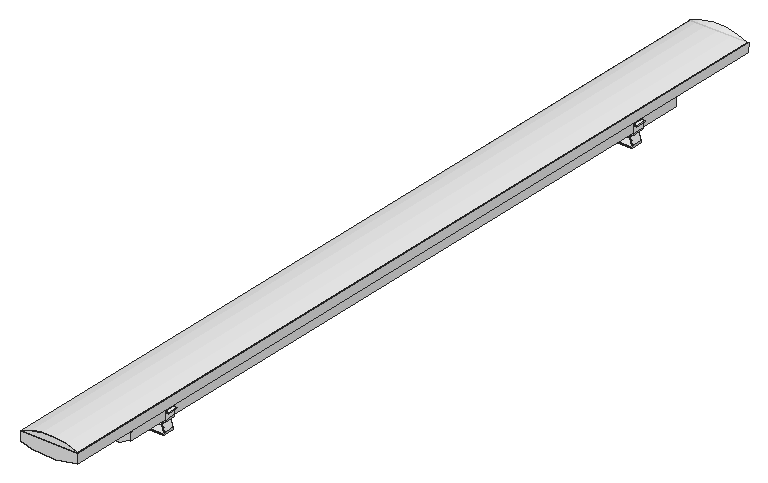
Revit family "Lighting-Industriale-GEWISS-SMART[3]PLUS-PLAFONIERA-LED_TRANSPARENTE_1600mm", category Apparecchi per illuminazione, host Superficie, Revit 2019
Family settings
  Host = Superficie
  Quota connettore circolare = Usa diametro
  Tipo di parte = Normale
  Taglio con vuoti quando caricato = No
  Sorgente d'illuminazione = Sì
  Condiviso = No
  Punto di calcolo locali = No
Parameters (values of type "GWS3323AT957 - SMART3 PLUS 1600 T.W.DALI HE TRASP 9 57")
  Wattage = 27 W
  Visibilità simbolo [instance] = yes
  Visibilità pianta [instance] = not(Visibilità simbolo)  # no
  Visibilità etichetta [instance] = yes
  Versione file RFA = "20.0"
  Variazione temperatura colore lampada con luminosità attenuata = (empty or 0)
  URL = "https://www.gewiss.com/it/it"
  Tipologia sorgente luminosa = "LED - Non sostituibile"
  Tipologia = "DALI"
  Tipo alimentatore = ""
  Tensione = "220-240 V "
  Temperatura di utilizzo = "-25 +50 °C"
  Temperatura di funzionamento = "-25 +50 °C"
  Temperatura di colore: = "5700 K (CRI > 90)"
  Temperatura di colore = "5700 K (CRI > 90)"
  Schermo = "Trasparente"
  Scheda Tecnica = "https://www.gewiss.com/it/it/search?q=GWS3323AT957"
  SEO = "Plafoniera"
  Resistenza agli urti = "IK08"
  Potenza di sistema = "50 W"
  Peso (kg): = ""
  NÂ° LED (#) = ""
  Numero poli = 2
  built-in parameter 1150107 = 5700 (stored number, unit not read)
  Struttura = GRIGIO
  Stampa 1_200 = no
  Stampa 1_100 = not(Stampa 1_200)  # yes
  Spostamento_Y_etichetta [instance] = 0 mm
  Spostamento_Y_effettivo_etichetta [instance] = 1500 mm - Spostamento_Y_etichetta  # 1500 mm
  Spostamento_X_etichetta [instance] = 0 mm
  Spostamento_X_effettivo_etichetta [instance] = 1500 mm - Spostamento_X_etichetta  # 1500 mm
  Schermo. = Led Acceso
  Default Elevation = 1219.2 mm
  Produttore = "GEWISS S.p.A."
  built-in parameter 1150110 = 1 (stored number, unit not read)
  built-in parameter 1150109 = 1 (stored number, unit not read)
  built-in parameter 1114218 = 1 (stored number, unit not read)
  built-in parameter 1150112 = 1 (stored number, unit not read)
  Modello = "GWS3323AT957"
  built-in parameter 1150137 = (empty or 0)
  built-in parameter 1150132 = (empty or 0)
  Lunghezza Lampada = 1600 mm  # constant formula
  Lunghezza = "1600 mm"
  Lumen output (lm) = "5900"
  Lampada: = "LED"
  Lampada = "LED"
  LED LifeTime (L80B20) = ""
  LED Life time (L90B50) = ""
  LED Life time (L80B50) = ""
  LED Life time (L70) = ""
  built-in parameter 1150105 = 1406.7 (stored number, unit not read)
  built-in parameter 1150102 = (empty or 0)
  Type Image = GWS3280TS.jpg
  built-in parameter 1150106 = 14.067 (stored number, unit not read)
  IFC.TypeObject = ""
  IFC.ExportType = ""
  IFC.ExportAs = ""
  IDT = "5236158c-1d15-421c-8690-1b1aa3a85baf"
  IDF = "be41a214-2304-4719-b36b-5e7545f50e73"
  Grado di protezione = "IP66/IP69"
  Glow Wire Test = "850°C"
  Garanzia = "5 anni"
  Ganci = Alluminio
  Flusso nominale (lm) = ""
  Lumens = 4010.63 lm
  Color Filter = 16777215
  File diagramma fotometrico = "GWS3323AT957.IES"
  built-in parameter 1114217 = 1 (stored number, unit not read)
  built-in parameter 1150139 = (empty or 0)
  Failure rate apparecchio (50.000h, Tq=25Â° C) = ""
  Failure rate apparecchio (35.000h, Tq=35Â° C) = ""
  Emetti da lunghezza linea = 1200 mm
  built-in parameter 1150104 = 13.8 (stored number, unit not read)
  built-in parameter 1150115 = 1 (stored number, unit not read)
  built-in parameter 1150114 = 1 (stored number, unit not read)
  built-in parameter 1150113 = 1 (stored number, unit not read)
  Descrizione = "SMART3 PLUS 1600 T.W.DALI HE TRASP 9 57"
  Creato da GEWISS S.p.A. = ""
  Commenti sul wattaggio = "67W"
  built-in parameter 1150134 = (empty or 0)
  built-in parameter 1150138 = (empty or 0)
  Codice Electrocod = "2434"
  Codice EAN = ""
  Classe isolamento = "II"
  Classe di efficienza LED integrati = "A ÷ A++"
  Catalogo Serie = "SMART[3] PLUS"
  Catalogo = "LIGHTING"
  Carico apparente = 67 VA
  COBie.Tagnumber = ""
  COBie.CreatedOn = ""
  COBie.CreatebBy = ""
  COBie.ComponentRegisterItemID = ""
  COBie.Component.TagNumber = ""
  COBie.Component.Space = ""
  COBie.Component.SerialNumber = ""
  COBie.Component.InstallationDate = ""
  COBie.Component.Description = ""
  COBie.Component.BarCode = ""
  Applicazione = "Interno"
  Apparecchio a ridotta temperatura superficiale = ""
  Tilt Angle = -90.00°
  built-in parameter 1150133 = 10 (stored number, unit not read)
Types (24, lengths in mm): name | Tipologia | Temperatura di colore: | Temperatura di colore | Scheda Tecnica | Potenza di sistema | Modello | Lumen output (lm) | Type Image | IDT | File diagramma fotometrico | Descrizione | Commenti sul wattaggio | Carico apparente
  GWS3320AT840 - SMART3 PLUS 1600 ON/OFF HE TRASP 8 40 | "" | "4000 K (CRI > 80)" | "4000 K (CRI > 80)" | "https://www.gewiss.com/it/it/search?q=GWS3320AT840" | "46 W" | "GWS3320AT840" | "7500" | GWS3158T.jpg | "1dea42e5-bf6d-4a64-bf79-1f9097b94284" | "GWS3320AT840.IES" | "SMART3 PLUS 1600 ON/OFF HE TRASP 8 40" | "26W" | 26 VA
  GWS3320AT857 - SMART3 PLUS 1600 ON/OFF HE TRASP 8 57 | "" | "5700 K (CRI > 80)" | "5700 K (CRI > 80)" | "https://www.gewiss.com/it/it/search?q=GWS3320AT857" | "46 W" | "GWS3320AT857" | "7500" | GWS3158T30K.jpg | "5872fd4e-3398-45fb-9aa7-46d2105848e6" | "GWS3320AT857.IES" | "SMART3 PLUS 1600 ON/OFF HE TRASP 8 57" | "26W" | 26 VA
  GWS3320AT930 - SMART3 PLUS 1600 ON/OFF HE TRASP 9 30 | "" | "3000 K (CRI > 90)" | "3000 K (CRI > 90)" | "https://www.gewiss.com/it/it/search?q=GWS3320AT930" | "46 W" | "GWS3320AT930" | "5500" | GWS3158T57K.jpg | "9dc883ae-5326-435c-87f7-c8fc60490d8b" | "GWS3320AT930.IES" | "SMART3 PLUS 1600 ON/OFF HE TRASP 9 30" | "26W" | 26 VA
  GWS3321AT940 - SMART3 PLUS 1600 DALI HE TRASP 9 40 | "DALI" | "4000 K (CRI > 90)" | "4000 K (CRI > 90)" | "https://www.gewiss.com/it/it/search?q=GWS3321AT940" | "50 W" | "GWS3321AT940" | "5900" | GWS3258T.jpg | "80f0b5dc-7e2b-4495-80d1-4ca98f7b2571" | "GWS3321AT940.IES" | "SMART3 PLUS 1600 DALI HE TRASP 9 40" | "53W" | 53 VA
  GWS3321AT957 - SMART3 PLUS 1600 DALI HE TRASP 9 57 | "DALI" | "5700 K (CRI > 90)" | "5700 K (CRI > 90)" | "https://www.gewiss.com/it/it/search?q=GWS3321AT957" | "50 W" | "GWS3321AT957" | "5900" | GWS3258T30K.jpg | "0ac0c6ad-823f-4a35-a602-ec293eb0d12b" | "GWS3321AT957.IES" | "SMART3 PLUS 1600 DALI HE TRASP 9 57" | "53W" | 53 VA
  GWS3322AT830 - SMART3 PLUS 1600 T.W.ON/OFF HE TRASP 8 30 | "" | "3000 K (CRI > 80)" | "3000 K (CRI > 80)" | "https://www.gewiss.com/it/it/search?q=GWS3322AT830" | "46 W" | "GWS3322AT830" | "7100" | GWS3258T57K.jpg | "891a54ec-9c4b-4fe6-8147-e8af5e17396a" | "GWS3322AT830.IES" | "SMART3 PLUS 1600 T.W.ON/OFF HE TRASP 8 30" | "53W" | 53 VA
  GWS3320AT830 - SMART3 PLUS 1600 ON/OFF HE TRASP 8 30 | "" | "3000 K (CRI > 80)" | "3000 K (CRI > 80)" | "https://www.gewiss.com/it/it/search?q=GWS3320AT830" | "46 W" | "GWS3320AT830" | "7100" | GWS3158TD30K.jpg | "74166fc5-ff36-4645-80f9-3804eeb086e3" | "GWS3320AT830.IES" | "SMART3 PLUS 1600 ON/OFF HE TRASP 8 30" | "27W" | 27 VA
  GWS3320AT940 - SMART3 PLUS 1600 ON/OFF HE TRASP 9 40 | "" | "4000 K (CRI > 90)" | "4000 K (CRI > 90)" | "https://www.gewiss.com/it/it/search?q=GWS3320AT940" | "46 W" | "GWS3320AT940" | "5900" | GWS3158TD57K.jpg | "43188896-043e-4a11-b517-c4789bf4ce39" | "GWS3320AT940.IES" | "SMART3 PLUS 1600 ON/OFF HE TRASP 9 40" | "27W" | 27 VA
  GWS3320AT957 - SMART3 PLUS 1600 ON/OFF HE TRASP 9 57 | "" | "5700 K (CRI > 90)" | "5700 K (CRI > 90)" | "https://www.gewiss.com/it/it/search?q=GWS3320AT957" | "46 W" | "GWS3320AT957" | "5900" | GWS3158TL.jpg | "a31f750a-cc8f-47bd-8818-0f88cfddb046" | "GWS3320AT957.IES" | "SMART3 PLUS 1600 ON/OFF HE TRASP 9 57" | "26W" | 26 VA
  GWS3321AT830 - SMART3 PLUS 1600 DALI HE TRASP 8 30 | "DALI" | "3000 K (CRI > 80)" | "3000 K (CRI > 80)" | "https://www.gewiss.com/it/it/search?q=GWS3321AT830" | "50 W" | "GWS3321AT830" | "7100" | GWS3158TL30K.jpg | "2f529335-735a-43e4-ba2d-9f24904ea6ee" | "GWS3321AT830.IES" | "SMART3 PLUS 1600 DALI HE TRASP 8 30" | "26W" | 26 VA
  GWS3321AT840 - SMART3 PLUS 1600 DALI HE TRASP 8 40 | "DALI" | "4000 K (CRI > 80)" | "4000 K (CRI > 80)" | "https://www.gewiss.com/it/it/search?q=GWS3321AT840" | "50 W" | "GWS3321AT840" | "7500" | GWS3158TL57K.jpg | "b9a35422-a80a-42b5-ae9c-132ab47620ad" | "GWS3321AT840.IES" | "SMART3 PLUS 1600 DALI HE TRASP 8 40" | "26W" | 26 VA
  GWS3321AT857 - SMART3 PLUS 1600 DALI HE TRASP 8 57 | "DALI" | "5700 K (CRI > 80)" | "5700 K (CRI > 80)" | "https://www.gewiss.com/it/it/search?q=GWS3321AT857" | "50 W" | "GWS3321AT857" | "7500" | GWS3158TLD30K.jpg | "cc6f8e07-75e0-4402-b072-f876eee7ca9a" | "GWS3321AT857.IES" | "SMART3 PLUS 1600 DALI HE TRASP 8 57" | "27W" | 27 VA
  GWS3321AT930 - SMART3 PLUS 1600 DALI HE TRASP 9 30 | "DALI" | "3000 K (CRI > 90)" | "3000 K (CRI > 90)" | "https://www.gewiss.com/it/it/search?q=GWS3321AT930" | "50 W" | "GWS3321AT930" | "5500" | GWS3158TLD57K.jpg | "d8d0e315-d929-4c71-b08d-b2a4a4d4c89e" | "GWS3321AT930.IES" | "SMART3 PLUS 1600 DALI HE TRASP 9 30" | "27W" | 27 VA
  GWS3322AT840 - SMART3 PLUS 1600 T.W.ON/OFF HE TRASP 8 40 | "" | "4000 K (CRI > 80)" | "4000 K (CRI > 80)" | "https://www.gewiss.com/it/it/search?q=GWS3322AT840" | "46 W" | "GWS3322AT840" | "7500" | GWS3258TD.jpg | "02742af7-b760-483a-b676-c6e51fc7d43a" | "GWS3322AT840.IES" | "SMART3 PLUS 1600 T.W.ON/OFF HE TRASP 8 40" | "55W" | 55 VA
  GWS3322AT857 - SMART3 PLUS 1600 T.W.ON/OFF HE TRASP 8 57 | "" | "5700 K (CRI > 80)" | "5700 K (CRI > 80)" | "https://www.gewiss.com/it/it/search?q=GWS3322AT857" | "46 W" | "GWS3322AT857" | "7500" | GWS3258T30K.jpg | "fa99473e-a6ee-45a2-b0a3-fe258dba9dd5" | "GWS3322AT857.IES" | "SMART3 PLUS 1600 T.W.ON/OFF HE TRASP 8 57" | "55W" | 55 VA
  GWS3322AT930 - SMART3 PLUS 1600 T.W.ON/OFF HE TRASP 9 30 | "" | "3000 K (CRI > 90)" | "3000 K (CRI > 90)" | "https://www.gewiss.com/it/it/search?q=GWS3322AT930" | "46 W" | "GWS3322AT930" | "5500" | GWS3258TD57K.jpg | "79e8d14e-e43d-4766-a326-3c917a5a9046" | "GWS3322AT930.IES" | "SMART3 PLUS 1600 T.W.ON/OFF HE TRASP 9 30" | "55W" | 55 VA
  GWS3322AT940 - SMART3 PLUS 1600 T.W.ON/OFF HE TRASP 9 40 | "" | "4000 K (CRI > 90)" | "4000 K (CRI > 90)" | "https://www.gewiss.com/it/it/search?q=GWS3322AT940" | "46 W" | "GWS3322AT940" | "5900" | GWS3258TL.jpg | "52982c0e-482a-4ddc-8be6-912f4021b25d" | "GWS3322AT940.IES" | "SMART3 PLUS 1600 T.W.ON/OFF HE TRASP 9 40" | "53W" | 53 VA
  GWS3322AT957 - SMART3 PLUS 1600 T.W.ON/OFF HE TRASP 9 57 | "" | "5700 K (CRI > 90)" | "5700 K (CRI > 90)" | "https://www.gewiss.com/it/it/search?q=GWS3322AT957" | "46 W" | "GWS3322AT957" | "5900" | GWS3258TL30K.jpg | "4df2074f-b2b5-4fed-a9c8-d505ec21a00b" | "GWS3322AT957.IES" | "SMART3 PLUS 1600 T.W.ON/OFF HE TRASP 9 57" | "53W" | 53 VA
  GWS3323AT830 - SMART3 PLUS 1600 T.W.DALI HE TRASP 8 30 | "DALI" | "3000 K (CRI > 80)" | "3000 K (CRI > 80)" | "https://www.gewiss.com/it/it/search?q=GWS3323AT830" | "50 W" | "GWS3323AT830" | "7100" | GWS3258TL57K.jpg | "2ceab000-1286-4161-a838-b757df2c3090" | "GWS3323AT830.IES" | "SMART3 PLUS 1600 T.W.DALI HE TRASP 8 30" | "53W" | 53 VA
  GWS3323AT840 - SMART3 PLUS 1600 T.W.DALI HE TRASP 8 40 | "DALI" | "4000 K (CRI > 80)" | "4000 K (CRI > 80)" | "https://www.gewiss.com/it/it/search?q=GWS3323AT840" | "50 W" | "GWS3323AT840" | "7500" | GWS3258TLD.jpg | "d7f3308e-ac07-41f8-a7be-48a82cd76fb2" | "GWS3323AT840.IES" | "SMART3 PLUS 1600 T.W.DALI HE TRASP 8 40" | "55W" | 55 VA
  GWS3323AT857 - SMART3 PLUS 1600 T.W.DALI HE TRASP 8 57 | "DALI" | "5700 K (CRI > 80)" | "5700 K (CRI > 80)" | "https://www.gewiss.com/it/it/search?q=GWS3323AT857" | "50 W" | "GWS3323AT857" | "7500" | GWS3258TLD30K.jpg | "67d773ab-6abf-4ec8-97a4-4386dc65aced" | "GWS3323AT857.IES" | "SMART3 PLUS 1600 T.W.DALI HE TRASP 8 57" | "55W" | 55 VA
  GWS3323AT930 - SMART3 PLUS 1600 T.W.DALI HE TRASP 9 30 | "DALI" | "3000 K (CRI > 90)" | "3000 K (CRI > 90)" | "https://www.gewiss.com/it/it/search?q=GWS3323AT930" | "50 W" | "GWS3323AT930" | "5500" | GWS3258TLD57K.jpg | "cb1cb59a-c68e-4618-82ef-e38e6ccec05f" | "GWS3323AT930.IES" | "SMART3 PLUS 1600 T.W.DALI HE TRASP 9 30" | "55W" | 55 VA
  GWS3323AT957 - SMART3 PLUS 1600 T.W.DALI HE TRASP 9 57 | "DALI" | "5700 K (CRI > 90)" | "5700 K (CRI > 90)" | "https://www.gewiss.com/it/it/search?q=GWS3323AT957" | "50 W" | "GWS3323AT957" | "5900" | GWS3280TS.jpg | "5236158c-1d15-421c-8690-1b1aa3a85baf" | "GWS3323AT957.IES" | "SMART3 PLUS 1600 T.W.DALI HE TRASP 9 57" | "67W" | 67 VA
  GWS3323AT940 - SMART3 PLUS 1600 T.W.DALI HE TRASP 9 40 | "DALI" | "4000 K (CRI > 90)" | "4000 K (CRI > 90)" | "https://www.gewiss.com/it/it/search?q=GWS3323AT940" | "50 W" | "GWS3323AT940" | "5900" | GWS3280TLS.jpg | "efdd6b9e-b24a-46ba-ae07-3ce0557fda21" | "GWS3323AT940.IES" | "SMART3 PLUS 1600 T.W.DALI HE TRASP 9 40" | "67W" | 67 VA
Reference planes
  plane 1 "Centro (Fronte/Retro)": y = 0
  plane 2: z = 0
  plane 3 "Centro (Sinistra/Destra)": x = 0
  plane 4: x = -1500
  plane 5: y = -1500
  plane 6: x = 0
  plane 7: y = 0
Forms (mm)
  Extrusion 1, solid, material "Alluminio" <- "Ganci", detail levels medium+fine
    sketch origin (0, 0, 0) x (1, 0, 0) y (0, 0, 1)
      loop
        arc (31.431, -0.002) -> (34.576, 1.589) -> (35.156, 5.066) r 3.903
        line (35.156, 5.066) -> (29.612, 23.211)
        arc (29.612, 23.211) -> (29.883, 24.381) -> (31.032, 24.73) r 1.2
        line (31.032, 24.73) -> (34.307, 23.974)
        arc (34.307, 23.974) -> (36.765, 24.53) -> (37.859, 26.8) r 2.9
        line (37.859, 26.8) -> (37.859, 38.8)
        arc (37.859, 38.8) -> (37.648, 39.694) -> (37.059, 40.4) r 2
        line (37.059, 40.4) -> (37.059, 42.71) -> (42.861, 40.598) -> (43.203, 41.538) -> (37.53, 43.603)
        arc (37.53, 43.603) -> (37.019, 43.613) -> (36.605, 43.311) r 0.8
        line (36.605, 43.311) -> (36.306, 26.139)
        arc (36.306, 26.139) -> (35.6, 25.444) -> (34.616, 25.34) r 1.5
        line (34.616, 25.34) -> (31.344, 26.095)
        arc (31.344, 26.095) -> (28.858, 25.335) -> (28.273, 22.802) r 2.6
        line (28.273, 22.802) -> (33.827, 4.636)
        arc (33.827, 4.636) -> (33.449, 2.415) -> (31.438, 1.4) r 2.5
        line (31.438, 1.4) -> (-31.437, 1.4)
        arc (-31.437, 1.4) -> (-33.449, 2.415) -> (-33.827, 4.636) r 2.5
        line (-33.827, 4.636) -> (-28.273, 22.802)
        arc (-28.273, 22.802) -> (-28.858, 25.335) -> (-31.344, 26.095) r 2.6
        line (-31.344, 26.095) -> (-34.616, 25.34)
        arc (-34.616, 25.34) -> (-35.6, 25.444) -> (-36.306, 26.139) r 1.5
        line (-36.306, 26.139) -> (-36.605, 43.311)
        arc (-36.605, 43.311) -> (-37.019, 43.613) -> (-37.53, 43.603) r 0.8
        line (-37.53, 43.603) -> (-43.203, 41.538) -> (-42.861, 40.598) -> (-37.059, 42.71) -> (-37.059, 40.4)
        arc (-37.059, 40.4) -> (-37.648, 39.694) -> (-37.859, 38.8) r 2
        line (-37.859, 38.8) -> (-37.859, 26.8)
        arc (-37.859, 26.8) -> (-36.765, 24.53) -> (-34.307, 23.974) r 2.9
        line (-34.307, 23.974) -> (-31.032, 24.73)
        arc (-31.032, 24.73) -> (-29.883, 24.381) -> (-29.612, 23.211) r 1.2
        line (-29.612, 23.211) -> (-35.156, 5.066)
        arc (-35.156, 5.066) -> (-34.576, 1.589) -> (-31.431, -0.002) r 3.903
        line (-31.431, -0.002) -> (31.431, -0.002)
    from 548.766 to 568.766
  Extrusion 2, solid, material "Alluminio" <- "Ganci", detail levels medium+fine
    sketch origin (0, 0, 0) x (1, 0, 0) y (0, 0, -1)
      loop
        line (31.431, 0.002) -> (-31.431, 0.002)
        arc (-31.431, 0.002) -> (-34.576, -1.589) -> (-35.156, -5.066) r 3.903
        line (-35.156, -5.066) -> (-29.612, -23.211)
        arc (-29.612, -23.211) -> (-29.883, -24.381) -> (-31.032, -24.73) r 1.2
        line (-31.032, -24.73) -> (-34.307, -23.974)
        arc (-34.307, -23.974) -> (-36.765, -24.53) -> (-37.859, -26.8) r 2.9
        line (-37.859, -26.8) -> (-37.859, -38.8)
        arc (-37.859, -38.8) -> (-37.648, -39.694) -> (-37.059, -40.4) r 2
        line (-37.059, -40.4) -> (-37.059, -42.71) -> (-42.861, -40.598) -> (-43.203, -41.538) -> (-37.53, -43.603)
        arc (-37.53, -43.603) -> (-37.019, -43.613) -> (-36.605, -43.311) r 0.8
        line (-36.605, -43.311) -> (-36.306, -26.139)
        arc (-36.306, -26.139) -> (-35.6, -25.444) -> (-34.616, -25.34) r 1.5
        line (-34.616, -25.34) -> (-31.344, -26.095)
        arc (-31.344, -26.095) -> (-28.858, -25.335) -> (-28.273, -22.802) r 2.6
        line (-28.273, -22.802) -> (-33.827, -4.636)
        arc (-33.827, -4.636) -> (-33.449, -2.415) -> (-31.437, -1.4) r 2.5
        line (-31.437, -1.4) -> (31.438, -1.4)
        arc (31.438, -1.4) -> (33.449, -2.415) -> (33.827, -4.636) r 2.5
        line (33.827, -4.636) -> (28.273, -22.802)
        arc (28.273, -22.802) -> (28.858, -25.335) -> (31.344, -26.095) r 2.6
        line (31.344, -26.095) -> (34.616, -25.34)
        arc (34.616, -25.34) -> (35.6, -25.444) -> (36.306, -26.139) r 1.5
        line (36.306, -26.139) -> (36.605, -43.311)
        arc (36.605, -43.311) -> (37.019, -43.613) -> (37.53, -43.603) r 0.8
        line (37.53, -43.603) -> (43.203, -41.538) -> (42.861, -40.598) -> (37.059, -42.71) -> (37.059, -40.4)
        arc (37.059, -40.4) -> (37.648, -39.694) -> (37.859, -38.8) r 2
        line (37.859, -38.8) -> (37.859, -26.8)
        arc (37.859, -26.8) -> (36.765, -24.53) -> (34.307, -23.974) r 2.9
        line (34.307, -23.974) -> (31.032, -24.73)
        arc (31.032, -24.73) -> (29.883, -24.381) -> (29.612, -23.211) r 1.2
        line (29.612, -23.211) -> (35.156, -5.066)
        arc (35.156, -5.066) -> (34.576, -1.589) -> (31.431, 0.002) r 3.903
    from 548.766 to 568.766
  Extrusion 3, solid, material "GRIGIO" <- "Struttura", detail levels medium+fine
    sketch origin (0, 0, 0) x (1, 0, 0) y (0, 0, 1)
      loop
        line (-36.331, 55.757) -> (-35.847, 28.018)
        arc (-35.847, 28.018) -> (-33.139, 27.27) -> (-30.416, 26.58) r 129.5
        arc (-30.416, 26.58) -> (-28.066, 25.76) -> (-25.915, 24.506) r 13
        arc (-25.915, 24.506) -> (-24.23, 23.324) -> (-22.521, 22.178) r 99.5
        arc (-22.521, 22.178) -> (-16.401, 19.063) -> (-9.748, 17.365) r 31.146
        line (-9.748, 17.365) -> (12.491, 17.365)
        arc (12.491, 17.365) -> (17.822, 19.098) -> (22.764, 21.745) r 31.646
        arc (22.764, 21.745) -> (24.509, 22.915) -> (26.228, 24.122) r 100
        arc (26.228, 24.122) -> (28.283, 25.313) -> (30.525, 26.095) r 12.5
        arc (30.525, 26.095) -> (33.437, 26.834) -> (36.332, 27.64) r 130
        line (36.332, 27.64) -> (36.824, 55.851)
        arc (36.824, 55.851) -> (24.914, 53.937) -> (12.909, 52.764) r 195.047
        line (12.909, 52.764) -> (-12.909, 52.764)
        arc (-12.909, 52.764) -> (-24.665, 53.905) -> (-36.331, 55.757) r 195.047
    from -650 to 650
  Extrusion 4, solid, material "GRIGIO" <- "Struttura", detail levels medium+fine
    sketch origin (0, 0, 0) x (1, 0, 0) y (0, 0, 1)
      loop
        line (54.725, 60.184) -> (55.177, 77.445) -> (-55.177, 77.445) -> (-54.725, 60.184)
        arc (-54.725, 60.184) -> (-34.019, 55.332) -> (-12.909, 52.764) r 195.047
        line (-12.909, 52.764) -> (12.909, 52.764)
        arc (12.909, 52.764) -> (34.019, 55.332) -> (54.725, 60.184) r 195.047
    from -800 to 800
  Extrusion 5, solid, material "Led Acceso" <- "Schermo.", detail levels medium+fine
    sketch origin (0, 0, 0) x (1, 0, 0) y (0, 0, 1)
      loop
        arc (54.697, 78.441) -> (-0.014, 90.457) -> (-54.723, 78.429) r 130.5
        arc (-54.723, 78.429) -> (-54.988, 77.838) -> (-54.5, 77.445) r 0.5
        line (-54.5, 77.445) -> (54.479, 77.445)
        arc (54.479, 77.445) -> (54.988, 77.855) -> (54.697, 78.441) r 0.522
    from -800 to 800
  Extrusion 6, solid, material "GRIGIO" <- "Struttura", detail levels coarse
    sketch origin (0, 0, 0) x (1, 0, 0) y (0, 0, 1)
      loop
        line (-54.5, 90.439) -> (-54.5, 0) -> (54.5, 0) -> (54.5, 90.439) -> (-54.5, 90.439)
    from -800 to 800
Lines and regions (mm)
  Masking region 1, visible <- "Visibilità pianta"
    outline origin (0, 0, 0) x (1, 0, 0) y (0, 1, 0)
      loop
        line (-55.177, 800) -> (-55.177, -800) -> (55.177, -800) -> (55.177, 800) -> (-55.177, 800)
  model lines, style "GEWISS - LIGHT 2D", not visible, detail levels medium+fine
    curve 1: arc (599.156, 237.359, 0) -> (604.568, 231.947, 0) -> (609.98, 237.359, 0) r 5.412
    curve 6: arc (581.804, 237.359, 0) -> (582.83, 230.601, 0) -> (585.816, 224.453, 0) r 22.764
    curve 7: arc (623.32, 224.453, 0) -> (626.306, 230.601, 0) -> (627.332, 237.359, 0) r 22.764
    curve 8: arc (609.98, -154.35, 0) -> (604.568, -148.937, 0) -> (599.156, -154.35, 0) r 5.412
    curve 14: arc (585.816, -141.444, 0) -> (582.83, -147.592, 0) -> (581.804, -154.35, 0) r 22.764
    curve 15: arc (627.332, -154.35, 0) -> (626.306, -147.592, 0) -> (623.32, -141.444, 0) r 22.764
    curve 22: line (581.804, 248.502, 0) -> (581.804, 237.359, 0)
    curve 23: line (581.804, 237.359, 0) -> (599.156, 237.359, 0)
    curve 24: line (599.156, 237.359, 0) -> (599.156, 248.502, 0)
    curve 25: line (599.156, 256.809, 0) -> (599.156, 262.193, 0)
    curve 26: line (609.98, 248.502, 0) -> (609.98, 237.359, 0)
    curve 27: line (609.98, 237.359, 0) -> (627.332, 237.359, 0)
    curve 28: line (627.332, 237.359, 0) -> (627.332, 248.502, 0)
    curve 39: line (581.804, -154.35, 0) -> (581.804, -165.498, 0)
    curve 40: line (581.804, -165.498, 0) -> (581.804, -154.35, 0)
    curve 41: line (581.804, -154.35, 0) -> (599.156, -154.35, 0)
    curve 42: line (599.156, -154.35, 0) -> (599.156, -165.498, 0)
    curve 43: line (609.98, -165.498, 0) -> (609.98, -154.35, 0)
    curve 44: line (609.98, -154.35, 0) -> (627.332, -154.35, 0)
    curve 45: line (627.332, -154.35, 0) -> (627.332, -165.498, 0)
    curve 46: line (627.332, -165.498, 0) -> (627.332, -154.35, 0)
    curve 47: line (609.98, -179.249, 0) -> (609.98, -173.749, 0)
    curve 50: line (599.156, -179.191, 0) -> (599.156, -173.807, 0)
    curve 94: circle (617.836, 259.501, 0) r 1.5 normal (0, 0, 1)
    curve 95: circle (591.836, 259.501, 0) r 1.5 normal (0, 0, 1)
    curve 96: arc (610.218, 256.751, 0) -> (612.968, 259.501, 0) -> (610.218, 262.251, 0) r 2.75
    curve 97: arc (599.718, 262.251, 0) -> (596.968, 259.501, 0) -> (599.718, 256.751, 0) r 2.75
    curve 102: circle (617.836, -176.499, 0) r 1.5 normal (0, 0, 1)
    curve 103: circle (591.836, -176.499, 0) r 1.5 normal (0, 0, 1)
    curve 104: arc (610.218, -179.249, 0) -> (612.968, -176.499, 0) -> (610.218, -173.749, 0) r 2.75
    curve 105: arc (599.718, -173.749, 0) -> (596.968, -176.499, 0) -> (599.718, -179.249, 0) r 2.75
    curve 184: line (599.718, 262.251, 0) -> (610.218, 262.251, 0)
    curve 185: line (599.718, 256.751, 0) -> (610.218, 256.751, 0)
    curve 194: line (599.718, -173.749, 0) -> (610.218, -173.749, 0)
    curve 195: line (599.718, -179.249, 0) -> (610.218, -179.249, 0)
    curve 214: line (604.568, 230.323, 0) -> (604.568, 244.394, 0)
    curve 215: line (611.603, 237.359, 0) -> (597.532, 237.359, 0)
    curve 216: line (604.568, -161.385, 0) -> (604.568, -147.314, 0)
    curve 217: line (611.603, -154.35, 0) -> (597.532, -154.35, 0)
    curve 223: line (617.836, 257.551, 0) -> (617.836, 261.451, 0)
    curve 224: line (619.786, 259.501, 0) -> (615.886, 259.501, 0)
    curve 225: line (591.836, 257.551, 0) -> (591.836, 261.451, 0)
    curve 226: line (593.786, 259.501, 0) -> (589.886, 259.501, 0)
    curve 227: line (603.293, 259.501, 0) -> (596.143, 259.501, 0)
    curve 228: line (610.218, 255.926, 0) -> (610.218, 263.076, 0)
    curve 229: line (613.793, 259.501, 0) -> (606.643, 259.501, 0)
    curve 230: line (617.836, -178.449, 0) -> (617.836, -174.549, 0)
    curve 231: line (619.786, -176.499, 0) -> (615.886, -176.499, 0)
    curve 232: line (591.836, -178.449, 0) -> (591.836, -174.549, 0)
    curve 233: line (593.786, -176.499, 0) -> (589.886, -176.499, 0)
    curve 234: line (599.718, -180.074, 0) -> (599.718, -172.924, 0)
    curve 235: line (603.293, -176.499, 0) -> (596.143, -176.499, 0)
    curve 236: line (610.218, -180.074, 0) -> (610.218, -172.924, 0)
    curve 237: line (613.793, -176.499, 0) -> (606.643, -176.499, 0)
    curve 238: arc (585.816, 224.453, 0) -> (604.568, 218.168, 0) -> (623.32, 224.453, 0) r 31.118
    curve 239: arc (623.32, -141.444, 0) -> (604.568, -135.159, 0) -> (585.816, -141.444, 0) r 31.118
  model lines, style "GEWISS - LIGHT 2D", not visible
    curve 2: arc (642.177, 315.223, 0) -> (641.755, 316.267, 0) -> (640.725, 316.723, 0) r 1.499
    curve 3: arc (640.726, -233.714, 0) -> (641.755, -233.258, 0) -> (642.177, -232.214, 0) r 1.499
    curve 4: arc (568.41, 316.723, 0) -> (567.381, 316.267, 0) -> (566.959, 315.223, 0) r 1.499
    curve 5: arc (566.959, -232.214, 0) -> (567.38, -233.258, 0) -> (568.409, -233.714, 0) r 1.499
    curve 16: line (568.41, 316.723, 0) -> (592.409, 317.119, 0)
    curve 17: line (592.409, 317.119, 0) -> (595.819, 317.196, 0)
    curve 18: line (595.819, 317.196, 0) -> (604.587, 317.348, 0)
    curve 19: line (604.587, 317.348, 0) -> (613.319, 317.196, 0)
    curve 20: line (613.319, 317.196, 0) -> (616.729, 317.119, 0)
    curve 21: line (616.729, 317.119, 0) -> (640.725, 316.723, 0)
    curve 29: line (568.409, -233.714, 0) -> (604.582, -234.348, 0)
    curve 30: line (604.582, -234.348, 0) -> (640.726, -233.714, 0)
    curve 31: line (642.177, -187.498, 0) -> (642.177, -232.214, 0)
    curve 32: line (642.177, 248.502, 0) -> (642.177, -165.498, 0)
    curve 33: line (642.177, 315.223, 0) -> (642.177, 270.502, 0)
    curve 34: line (566.959, 315.223, 0) -> (566.959, 270.502, 0)
    curve 35: line (566.959, 248.502, 0) -> (566.959, -165.498, 0)
    curve 36: line (566.959, -187.498, 0) -> (566.959, -232.214, 0)
    curve 37: line (604.549, -234.347, 0) -> (604.569, -233.348, 0)
    curve 38: line (604.569, -233.348, 0) -> (604.549, -234.347, 0)
    curve 48: line (609.989, -233.253, 0) -> (609.98, -232.753, 0)
    curve 49: line (609.98, -232.753, 0) -> (609.98, -187.498, 0)
    curve 51: line (599.147, -233.253, 0) -> (599.156, -232.753, 0)
    curve 52: line (599.156, -232.753, 0) -> (599.156, -187.498, 0)
    curve 53: line (604.568, -232.848, 0) -> (604.569, -233.348, 0)
    curve 54: line (604.569, -233.348, 0) -> (604.568, -232.848, 0)
    curve 69: arc (658.224, 441.447, 0) -> (657.902, 441.529, 0) -> (657.571, 441.558, 0) r 1.999
    curve 71: arc (659.744, 439.503, 0) -> (659.172, 440.906, 0) -> (657.781, 441.505, 0) r 1.998
    curve 72: arc (549.391, -356.494, 0) -> (549.963, -357.897, 0) -> (551.356, -358.495, 0) r 1.998
    curve 98: spline (648.539, 268.506, 0) -> (648.523, 268.767, 0) -> (648.475, 269.023, 0) -> (648.396, 269.27, 0) -> (648.287, 269.504, 0) -> (648.151, 269.721, 0) -> (647.989, 269.918, 0) -> (647.804, 270.09, 0) -> (647.599, 270.235, 0) -> (647.379, 270.35, 0) -> (647.146, 270.434, 0) -> (646.905, 270.485, 0) -> (646.66, 270.502, 0)
    curve 99: spline (646.66, 248.502, 0) -> (646.905, 248.519, 0) -> (647.146, 248.57, 0) -> (647.379, 248.654, 0) -> (647.599, 248.77, 0) -> (647.804, 248.916, 0) -> (647.989, 249.089, 0) -> (648.151, 249.286, 0) -> (648.287, 249.504, 0) -> (648.396, 249.739, 0) -> (648.475, 249.987, 0) -> (648.523, 250.245, 0) -> (648.539, 250.506, 0)
    curve 100: spline (561.397, 250.501, 0) -> (561.413, 250.24, 0) -> (561.461, 249.984, 0) -> (561.54, 249.736, 0) -> (561.648, 249.502, 0) -> (561.785, 249.284, 0) -> (561.947, 249.087, 0) -> (562.132, 248.915, 0) -> (562.336, 248.77, 0) -> (562.557, 248.654, 0) -> (562.79, 248.57, 0) -> (563.031, 248.519, 0) -> (563.276, 248.502, 0)
    curve 101: spline (563.276, 270.502, 0) -> (563.031, 270.485, 0) -> (562.79, 270.434, 0) -> (562.557, 270.35, 0) -> (562.336, 270.234, 0) -> (562.132, 270.089, 0) -> (561.947, 269.916, 0) -> (561.785, 269.72, 0) -> (561.648, 269.502, 0) -> (561.54, 269.267, 0) -> (561.461, 269.019, 0) -> (561.413, 268.763, 0) -> (561.397, 268.502, 0)
    curve 106: spline (648.539, -167.494, 0) -> (648.523, -167.233, 0) -> (648.475, -166.977, 0) -> (648.396, -166.73, 0) -> (648.287, -166.496, 0) -> (648.151, -166.279, 0) -> (647.989, -166.083, 0) -> (647.804, -165.911, 0) -> (647.599, -165.766, 0) -> (647.379, -165.65, 0) -> (647.146, -165.566, 0) -> (646.905, -165.515, 0) -> (646.66, -165.498, 0)
    curve 107: spline (646.66, -187.498, 0) -> (646.905, -187.481, 0) -> (647.146, -187.43, 0) -> (647.379, -187.346, 0) -> (647.599, -187.23, 0) -> (647.804, -187.084, 0) -> (647.989, -186.911, 0) -> (648.151, -186.714, 0) -> (648.287, -186.496, 0) -> (648.396, -186.261, 0) -> (648.475, -186.012, 0) -> (648.523, -185.755, 0) -> (648.539, -185.494, 0)
    curve 108: spline (561.397, -185.499, 0) -> (561.413, -185.76, 0) -> (561.461, -186.016, 0) -> (561.54, -186.264, 0) -> (561.648, -186.498, 0) -> (561.785, -186.716, 0) -> (561.947, -186.912, 0) -> (562.132, -187.085, 0) -> (562.336, -187.23, 0) -> (562.557, -187.346, 0) -> (562.79, -187.43, 0) -> (563.031, -187.481, 0) -> (563.276, -187.498, 0)
    curve 109: spline (563.276, -165.498, 0) -> (563.031, -165.516, 0) -> (562.79, -165.567, 0) -> (562.557, -165.651, 0) -> (562.336, -165.766, 0) -> (562.132, -165.912, 0) -> (561.947, -166.084, 0) -> (561.785, -166.281, 0) -> (561.648, -166.499, 0) -> (561.54, -166.733, 0) -> (561.461, -166.981, 0) -> (561.413, -167.238, 0) -> (561.397, -167.499, 0)
    curve 110: arc (657.245, -358.546, 0) -> (659.012, -357.814, 0) -> (659.745, -356.046, 0) r 2.5
    curve 111: arc (551.891, 441.558, 0) -> (550.123, 440.825, 0) -> (549.391, 439.058, 0) r 2.5
    curve 142: line (657.571, 441.558, 0) -> (604.567, 441.558, 0)
    curve 143: line (604.567, 441.558, 0) -> (551.891, 441.558, 0)
    curve 144: line (551.356, -358.495, 0) -> (604.568, -358.495, 0)
    curve 145: line (604.568, -358.495, 0) -> (657.245, -358.495, 0)
    curve 157: line (599.147, -233.253, 0) -> (604.569, -233.348, 0)
    curve 158: line (604.569, -233.348, 0) -> (609.989, -233.253, 0)
    curve 159: line (659.745, -356.046, 0) -> (659.745, 439.503, 0)
    curve 160: line (657.781, 441.505, 0) -> (604.567, 441.505, 0)
    curve 161: line (549.391, -356.494, 0) -> (549.391, 439.058, 0)
    curve 186: line (642.696, 270.501, 0) -> (642.427, 270.501, 0)
    curve 187: line (563.481, 270.502, 0) -> (563.276, 270.502, 0)
    curve 188: line (563.276, 270.502, 0) -> (646.454, 270.502, 0)
    curve 189: line (646.454, 270.502, 0) -> (646.66, 270.502, 0)
    curve 190: line (563.481, 248.502, 0) -> (563.276, 248.502, 0)
    curve 191: line (646.454, 248.502, 0) -> (646.66, 248.502, 0)
    curve 192: line (648.539, 250.506, 0) -> (648.539, 268.506, 0)
    curve 193: line (561.397, 250.501, 0) -> (561.397, 268.501, 0)
    curve 196: line (646.66, -165.498, 0) -> (646.454, -165.498, 0)
    curve 197: line (646.454, -165.498, 0) -> (642.696, -165.498, 0)
    curve 198: line (642.696, -165.498, 0) -> (642.427, -165.498, 0)
    curve 199: line (642.427, -165.498, 0) -> (639.905, -165.498, 0)
    curve 200: line (639.905, -165.498, 0) -> (636.805, -165.498, 0)
    curve 201: line (636.805, -165.498, 0) -> (573.13, -165.498, 0)
    curve 202: line (573.13, -165.498, 0) -> (570.031, -165.498, 0)
    curve 203: line (570.031, -165.498, 0) -> (567.508, -165.498, 0)
    curve 204: line (567.508, -165.498, 0) -> (567.24, -165.498, 0)
    curve 205: line (567.24, -165.498, 0) -> (563.481, -165.498, 0)
    curve 206: line (563.481, -165.498, 0) -> (563.276, -165.498, 0)
    curve 207: line (563.276, -187.498, 0) -> (563.481, -187.498, 0)
    curve 208: line (563.481, -187.498, 0) -> (646.454, -187.498, 0)
    curve 209: line (646.454, -187.498, 0) -> (646.66, -187.498, 0)
    curve 210: line (642.696, -187.499, 0) -> (642.427, -187.499, 0)
    curve 211: line (648.539, -185.494, 0) -> (648.539, -167.494, 0)
    curve 212: line (561.397, -185.499, 0) -> (561.397, -167.499, 0)
    curve 219: line (604.569, 276.529, 0) -> (604.569, -193.52, 0)
    curve 240: line (646.454, 248.502, 0) -> (563.276, 248.502, 0)
  model lines, style "GEWISS - LIGHT 2D", not visible, detail levels fine
    curve 9: arc (621.884, 350.407, 0) -> (621.798, 350.225, 0) -> (621.768, 350.027, 0) r 0.678
    curve 10: arc (622.621, 351.453, 0) -> (622.246, 350.935, 0) -> (621.884, 350.407, 0) r 25.107
    curve 11: arc (623.611, 352.703, 0) -> (623.106, 352.086, 0) -> (622.621, 351.453, 0) r 25.491
    curve 12: arc (626.634, 356.042, 0) -> (625.055, 354.434, 0) -> (623.611, 352.703, 0) r 27.8
    curve 13: arc (628.933, 357.976, 0) -> (627.762, 357.034, 0) -> (626.634, 356.042, 0) r 34.286
    curve 55: line (595.819, 317.196, 0) -> (595.819, 331.194, 0)
    curve 56: line (595.819, 331.194, 0) -> (595.823, 331.698, 0)
    curve 57: line (613.319, 317.196, 0) -> (613.319, 331.194, 0)
    curve 58: line (613.319, 331.194, 0) -> (613.315, 331.698, 0)
    curve 59: line (601.188, 333.427, 0) -> (595.819, 333.381, 0)
    curve 60: line (595.819, 333.381, 0) -> (592.551, 333.351, 0)
    curve 61: line (621.768, 349.976, 0) -> (621.768, 349.703, 0)
    curve 62: line (618.568, 339.703, 0) -> (618.568, 340.003, 0)
    curve 63: line (618.568, 340.003, 0) -> (618.568, 349.403, 0)
    curve 64: line (618.568, 349.403, 0) -> (618.568, 349.703, 0)
    curve 65: line (626.634, 356.042, 0) -> (625.666, 357.327, 0)
    curve 66: line (625.666, 357.327, 0) -> (625.303, 357.809, 0)
    curve 67: arc (615.276, 335.364, 0) -> (616.055, 336.638, 0) -> (614.919, 337.608, 0) r 1.15
    curve 68: arc (594.228, 337.608, 0) -> (593.084, 336.643, 0) -> (593.862, 335.364, 0) r 1.15
    curve 70: arc (618.493, 319.316, 0) -> (619.321, 319.921, 0) -> (619.181, 320.937, 0) r 1
    curve 73: arc (592.532, 331.227, 0) -> (592.389, 331.582, 0) -> (592.037, 331.731, 0) r 0.5
    curve 74: arc (617.101, 331.731, 0) -> (616.749, 331.582, 0) -> (616.606, 331.227, 0) r 0.5
    curve 75: arc (617.805, 349.703, 0) -> (617.188, 349.635, 0) -> (616.597, 349.441, 0) r 3
    curve 76: arc (606.569, 342.058, 0) -> (605.632, 343.753, 0) -> (603.698, 343.859, 0) r 2
    curve 77: arc (599.084, 344.854, 0) -> (601.221, 343.569, 0) -> (603.698, 343.859, 0) r 3.86
    curve 78: arc (598.376, 346.791, 0) -> (598.558, 345.76, 0) -> (599.084, 344.854, 0) r 3
    curve 79: arc (605.757, 349.962, 0) -> (611.115, 348.406, 0) -> (616.597, 349.441, 0) r 12
    curve 80: arc (622.068, 349.403, 0) -> (621.98, 349.615, 0) -> (621.768, 349.703, 0) r 0.3
    curve 81: arc (620.003, 351.317, 0) -> (619.679, 350.57, 0) -> (619.569, 349.763, 0) r 3
    curve 82: arc (603.144, 334.726, 0) -> (600.795, 328.007, 0) -> (607.888, 327.419, 0) r 4.5
    curve 83: arc (603.144, 334.726, 0) -> (605.626, 336.549, 0) -> (606.569, 339.481, 0) r 5
    curve 84: arc (602.226, 350.998, 0) -> (599.524, 350.005, 0) -> (598.376, 347.367, 0) r 3.66
    curve 85: arc (605.757, 349.962, 0) -> (604.052, 350.686, 0) -> (602.226, 350.998, 0) r 8
    curve 86: arc (621.772, 339.703, 0) -> (621.999, 339.807, 0) -> (622.068, 340.048, 0) r 0.3
    curve 87: arc (618.568, 339.703, 0) -> (617.972, 339.652, 0) -> (617.393, 339.5, 0) r 3.5
    curve 88: arc (617.393, 339.5, 0) -> (612.456, 336.19, 0) -> (609.712, 330.917, 0) r 12
    curve 89: arc (607.888, 327.419, 0) -> (609.019, 329.054, 0) -> (609.712, 330.917, 0) r 8
    curve 90: arc (620.895, 352.703, 0) -> (620.493, 352.099, 0) -> (620.105, 351.485, 0) r 29.999
    curve 91: arc (625.281, 357.788, 0) -> (623.014, 355.448, 0) -> (621.015, 352.877, 0) r 30
    curve 92: arc (627.608, 359.734, 0) -> (626.431, 358.8, 0) -> (625.303, 357.809, 0) r 29.995
    curve 93: circle (604.569, 330.458, 0) r 2.1 normal (0, 0, 1)
    curve 112: line (589.422, 320.458, 0) -> (589.069, 320.811, 0)
    curve 113: line (589.069, 320.811, 0) -> (589.069, 322.709, 0)
    curve 114: line (589.069, 322.709, 0) -> (589.069, 323.958, 0)
    curve 115: line (589.069, 323.958, 0) -> (589.422, 323.958, 0)
    curve 116: line (589.422, 323.958, 0) -> (590.069, 323.958, 0)
    curve 117: line (590.069, 323.958, 0) -> (590.069, 324.958, 0)
    curve 118: line (590.069, 324.958, 0) -> (589.422, 324.958, 0)
    curve 119: line (589.422, 324.958, 0) -> (589.069, 324.958, 0)
    curve 120: line (589.069, 324.958, 0) -> (589.069, 328.104, 0)
    curve 121: line (589.069, 328.104, 0) -> (589.422, 328.458, 0)
    curve 122: line (589.422, 324.958, 0) -> (589.422, 328.458, 0)
    curve 123: line (589.422, 328.458, 0) -> (591.069, 328.458, 0)
    curve 124: line (591.069, 328.458, 0) -> (591.069, 322.54, 0)
    curve 125: line (591.069, 322.54, 0) -> (591.069, 320.458, 0)
    curve 126: line (591.069, 320.458, 0) -> (589.422, 320.458, 0)
    curve 127: line (589.422, 320.458, 0) -> (589.422, 322.54, 0)
    curve 128: line (589.422, 322.54, 0) -> (589.422, 323.958, 0)
    curve 129: line (606.208, 337.608, 0) -> (602.469, 337.608, 0)
    curve 130: line (602.469, 337.608, 0) -> (599.469, 337.608, 0)
    curve 131: line (599.469, 337.608, 0) -> (596.069, 337.608, 0)
    curve 132: line (596.069, 337.608, 0) -> (594.228, 337.608, 0)
    curve 133: line (606.469, 338.477, 0) -> (606.569, 341.457, 0)
    curve 134: line (606.469, 341.458, 0) -> (602.469, 341.458, 0)
    curve 135: line (602.469, 341.458, 0) -> (599.469, 341.458, 0)
    curve 136: line (599.469, 341.458, 0) -> (596.519, 341.458, 0)
    curve 137: line (596.519, 341.458, 0) -> (594.919, 341.458, 0)
    curve 138: line (594.919, 341.458, 0) -> (593.969, 341.458, 0)
    curve 139: line (593.969, 341.458, 0) -> (593.969, 337.58, 0)
    curve 140: line (614.019, 337.651, 0) -> (614.969, 337.606, 0)
    curve 141: line (614.969, 337.606, 0) -> (614.969, 338.32, 0)
    curve 146: line (604.55, 335.458, 0) -> (595.819, 335.382, 0)
    curve 147: line (595.819, 335.382, 0) -> (592.569, 335.353, 0)
    curve 148: line (592.569, 335.353, 0) -> (592.551, 333.351, 0)
    curve 149: line (616.587, 333.351, 0) -> (616.569, 335.353, 0)
    curve 150: line (616.569, 335.353, 0) -> (613.319, 335.381, 0)
    curve 151: line (613.319, 335.381, 0) -> (611.803, 335.395, 0)
    curve 152: line (592.515, 329.208, 0) -> (591.069, 329.208, 0)
    curve 153: line (591.069, 329.208, 0) -> (591.069, 319.708, 0)
    curve 154: line (591.069, 319.708, 0) -> (592.432, 319.708, 0)
    curve 155: line (618.493, 319.316, 0) -> (616.711, 319.145, 0)
    curve 156: line (616.667, 324.145, 0) -> (619.181, 320.937, 0)
    curve 162: line (610.544, 333.306, 0) -> (613.388, 333.281, 0)
    curve 163: line (613.388, 333.281, 0) -> (618.088, 333.24, 0)
    curve 164: line (618.088, 333.24, 0) -> (618.088, 331.74, 0)
    curve 165: line (618.088, 331.74, 0) -> (613.388, 331.699, 0)
    curve 166: line (613.388, 331.699, 0) -> (609.914, 331.668, 0)
    curve 167: line (600.232, 331.66, 0) -> (595.75, 331.699, 0)
    curve 168: line (595.75, 331.699, 0) -> (591.05, 331.74, 0)
    curve 169: line (591.05, 331.74, 0) -> (591.05, 333.24, 0)
    curve 170: line (591.05, 333.24, 0) -> (595.75, 333.281, 0)
    curve 171: line (595.75, 333.281, 0) -> (601.102, 333.328, 0)
    curve 172: line (592.409, 317.119, 0) -> (592.532, 331.227, 0)
    curve 173: line (616.729, 317.119, 0) -> (616.606, 331.227, 0)
    curve 174: line (621.768, 349.703, 0) -> (618.568, 349.703, 0)
    curve 175: line (618.568, 349.703, 0) -> (617.805, 349.703, 0)
    curve 176: line (606.569, 342.058, 0) -> (606.569, 339.481, 0)
    curve 177: line (598.376, 347.367, 0) -> (598.376, 346.791, 0)
    curve 178: line (618.568, 339.703, 0) -> (621.772, 339.703, 0)
    curve 179: line (622.068, 349.403, 0) -> (622.068, 340.048, 0)
    curve 180: line (620.002, 351.317, 0) -> (620.086, 351.453, 0)
    curve 181: line (621.015, 352.877, 0) -> (620.895, 352.703, 0)
    curve 182: line (628.933, 357.976, 0) -> (627.969, 359.255, 0)
    curve 183: line (627.969, 359.255, 0) -> (627.608, 359.734, 0)
    curve 213: line (589.258, 324.458, 0) -> (591.233, 324.458, 0)
    curve 218: line (592.659, 324.458, 0) -> (590.924, 324.458, 0)
    curve 220: line (604.569, 327.728, 0) -> (604.569, 333.188, 0)
    curve 221: line (607.299, 330.458, 0) -> (601.839, 330.458, 0)
    curve 222: line (618.568, 350.343, 0) -> (618.568, 339.063, 0)
  model lines, style "GEWISS - LIGHT 2D", not visible, detail levels coarse
    curve 241: arc (515.447, 800, 0) -> (513.679, 799.268, 0) -> (512.947, 797.5, 0) r 2.5
    curve 242: line (623.301, 800, 0) -> (515.447, 800, 0)
    curve 243: line (512.947, -800, 0) -> (623.301, -800, 0)
    curve 244: line (623.301, -800, 0) -> (623.301, 800, 0)
    curve 245: line (512.947, -800, 0) -> (512.947, 797.5, 0)
    curve 246: line (568.125, 575.964, 0) -> (568.125, -769.036, 0)
    curve 248: arc (515.447, -800, 0) -> (513.679, -799.268, 0) -> (512.947, -797.5, 0) r 2.5
  model lines, style "GEWISS - LIGHT 2D", detail levels coarse
    curve 247: arc (-52.678, -188.779, 0) -> (-54.446, -188.047, 0) -> (-55.178, -186.279, 0) r 2.5
Dimensions and locks
  plane 4 to plane 3 "Centro (Sinistra/Destra)" = 1500 mm
  "Spostamento_X_effettivo_etichetta": plane 4 to plane 6
  "Spostamento_Y_effettivo_etichetta": plane 7 to plane 5
  plane 1 "Centro (Fronte/Retro)" to plane 5 = 1500 mm
  aligned and locked: plane 2 to host face
  aligned and locked: level to host face
  aligned and locked: Masking region 1 sketch curve to Extrusion 4  (x3)
  aligned and locked: plane 6 to nested 1
  aligned and locked: nested 1 to plane 7
  aligned and locked: nested 2 to plane 1 "Centro (Fronte/Retro)"
  aligned and locked: plane 3 "Centro (Sinistra/Destra)" to nested 2
Automatic sketch dimensions
  host sketch curve to host sketch curve = 2438.4 mm  (x2)
  Extrusion 1 sketch curve to Extrusion 1 sketch curve = 0 mm  (x28)
  Extrusion 1 sketch curve to plane 3 "Centro (Sinistra/Destra)" = 43.203 mm
  level to Extrusion 1 sketch curve = 40.598 mm
  Extrusion 1 sketch curve to Extrusion 1 sketch curve = 0.342 mm  (x2)
  Extrusion 1 sketch curve to Extrusion 1 sketch curve = 5.002 mm  (x2)
  Extrusion 1 sketch curve to Extrusion 1 sketch curve = 0.329 mm
  Extrusion 1 sketch curve to Extrusion 1 sketch curve = 0.271 mm  (x2)
  Extrusion 1 sketch curve to Extrusion 1 sketch curve = 0.8 mm  (x2)
  Extrusion 1 sketch curve to Extrusion 1 sketch curve = 0.454 mm  (x2)
  Extrusion 1 sketch curve to Extrusion 1 sketch curve = 1.554 mm
  Extrusion 1 sketch curve to Extrusion 1 sketch curve = 2 mm
  level to Extrusion 1 sketch curve = 5.066 mm  (x2)
  Extrusion 1 sketch curve to Extrusion 1 sketch curve = 1.15 mm
  Extrusion 1 sketch curve to Extrusion 1 sketch curve = 1.346 mm  (x2)
  Extrusion 1 sketch curve to Extrusion 1 sketch curve = 0.343 mm  (x2)
  level to Extrusion 1 sketch curve = 4.636 mm  (x2)
  Extrusion 1 sketch curve to Extrusion 1 sketch curve = 1.329 mm  (x2)
  level to Extrusion 1 sketch curve = 1.4 mm
  Extrusion 1 sketch curve to Extrusion 1 sketch curve = 2.389 mm  (x2)
  Extrusion 1 sketch curve to Extrusion 1 sketch curve = 0.007 mm  (x2)
  Extrusion 1 sketch curve to Extrusion 1 sketch curve = 3.584 mm  (x2)
  Extrusion 1 sketch curve to Extrusion 1 sketch curve = 0.273 mm  (x2)
  plane 3 "Centro (Sinistra/Destra)" to Extrusion 1 sketch curve = 30.759 mm
  Extrusion 1 sketch curve to level = 0.002 mm
  Extrusion 1 sketch curve to Extrusion 1 sketch curve = 0.672 mm
  Extrusion 1 sketch curve to Extrusion 1 sketch curve = 0.9 mm
  level to Extrusion 1 sketch curve = 26.139 mm
  Extrusion 1 sketch curve to Extrusion 1 sketch curve = 0.746 mm
  Extrusion 1 sketch curve to Extrusion 1 sketch curve = 0.2 mm
  Extrusion 1 sketch curve to Extrusion 1 sketch curve = 2.577 mm
  Extrusion 1 sketch curve to Extrusion 1 sketch curve = 18.496 mm
  Extrusion 1 sketch curve to Extrusion 1 sketch curve = 1.169 mm  (x2)
  Extrusion 1 sketch curve to Extrusion 1 sketch curve = 0.799 mm  (x2)
  Extrusion 1 sketch curve to Extrusion 1 sketch curve = 0.609 mm
  Extrusion 1 sketch curve to Extrusion 1 sketch curve = 1.798 mm  (x2)
  Extrusion 1 sketch curve to Extrusion 1 sketch curve = 12 mm
  Extrusion 1 sketch curve to Extrusion 1 sketch curve = 0.94 mm  (x2)
  Extrusion 1 sketch curve to Extrusion 1 sketch curve = 0.14 mm  (x2)
  Extrusion 1 sketch curve to Extrusion 1 sketch curve = 0.309 mm  (x2)
  Extrusion 1 sketch curve to Extrusion 1 sketch curve = 0.312 mm  (x2)
  Extrusion 1 sketch curve to Extrusion 1 sketch curve = 1.148 mm  (x2)
  Extrusion 1 sketch curve to Extrusion 1 sketch curve = 1.339 mm
  Extrusion 1 sketch curve to Extrusion 1 sketch curve = 2.486 mm
  Extrusion 1 sketch curve to Extrusion 1 sketch curve = 0.409 mm  (x2)
  Extrusion 2 sketch curve to Extrusion 2 sketch curve = 0 mm  (x28)
  Extrusion 2 sketch curve to plane 3 "Centro (Sinistra/Destra)" = 43.203 mm
  level to Extrusion 2 sketch curve = 40.598 mm
  Extrusion 2 sketch curve to Extrusion 2 sketch curve = 0.342 mm  (x2)
  Extrusion 2 sketch curve to Extrusion 2 sketch curve = 5.002 mm  (x2)
  Extrusion 2 sketch curve to Extrusion 2 sketch curve = 0.329 mm
  Extrusion 2 sketch curve to Extrusion 2 sketch curve = 0.271 mm  (x2)
  Extrusion 2 sketch curve to Extrusion 2 sketch curve = 0.8 mm  (x2)
  Extrusion 2 sketch curve to Extrusion 2 sketch curve = 0.454 mm  (x2)
  Extrusion 2 sketch curve to Extrusion 2 sketch curve = 1.554 mm
  Extrusion 2 sketch curve to Extrusion 2 sketch curve = 2 mm
  level to Extrusion 2 sketch curve = 5.066 mm  (x2)
  Extrusion 2 sketch curve to Extrusion 2 sketch curve = 1.15 mm
  Extrusion 2 sketch curve to Extrusion 2 sketch curve = 1.346 mm  (x2)
  Extrusion 2 sketch curve to Extrusion 2 sketch curve = 0.343 mm  (x2)
  level to Extrusion 2 sketch curve = 4.636 mm  (x2)
  Extrusion 2 sketch curve to Extrusion 2 sketch curve = 1.329 mm  (x2)
  level to Extrusion 2 sketch curve = 1.4 mm
  Extrusion 2 sketch curve to Extrusion 2 sketch curve = 2.389 mm  (x2)
  Extrusion 2 sketch curve to Extrusion 2 sketch curve = 0.007 mm  (x2)
  Extrusion 2 sketch curve to Extrusion 2 sketch curve = 3.584 mm  (x2)
  Extrusion 2 sketch curve to Extrusion 2 sketch curve = 0.273 mm  (x2)
  plane 3 "Centro (Sinistra/Destra)" to Extrusion 2 sketch curve = 30.759 mm
  Extrusion 2 sketch curve to level = 0.002 mm
  Extrusion 2 sketch curve to Extrusion 2 sketch curve = 0.672 mm
  Extrusion 2 sketch curve to Extrusion 2 sketch curve = 0.9 mm
  level to Extrusion 2 sketch curve = 26.139 mm
  Extrusion 2 sketch curve to Extrusion 2 sketch curve = 0.746 mm
  Extrusion 2 sketch curve to Extrusion 2 sketch curve = 0.2 mm
  Extrusion 2 sketch curve to Extrusion 2 sketch curve = 14.46 mm
  Extrusion 2 sketch curve to Extrusion 2 sketch curve = 0.94 mm  (x2)
  Extrusion 2 sketch curve to Extrusion 2 sketch curve = 0.14 mm  (x2)
  Extrusion 2 sketch curve to Extrusion 2 sketch curve = 2.31 mm  (x2)
  Extrusion 2 sketch curve to Extrusion 2 sketch curve = 12 mm
  Extrusion 2 sketch curve to Extrusion 2 sketch curve = 0.661 mm  (x2)
  Extrusion 2 sketch curve to Extrusion 2 sketch curve = 0.609 mm  (x2)
  Extrusion 2 sketch curve to Extrusion 2 sketch curve = 1.169 mm  (x2)
  Extrusion 2 sketch curve to Extrusion 2 sketch curve = 0.309 mm  (x2)
  Extrusion 2 sketch curve to Extrusion 2 sketch curve = 0.312 mm  (x2)
  Extrusion 2 sketch curve to Extrusion 2 sketch curve = 1.148 mm  (x2)
  Extrusion 2 sketch curve to Extrusion 2 sketch curve = 1.339 mm
  Extrusion 2 sketch curve to Extrusion 2 sketch curve = 2.486 mm
  Extrusion 2 sketch curve to Extrusion 2 sketch curve = 1.365 mm  (x2)
  Extrusion 3 sketch curve to plane 3 "Centro (Sinistra/Destra)" = 36.331 mm
  Extrusion 3 sketch curve to Extrusion 3 sketch curve = 0.484 mm
  Extrusion 3 sketch curve to Extrusion 3 sketch curve = 2.34 mm
  Extrusion 3 sketch curve to plane 3 "Centro (Sinistra/Destra)" = 32.068 mm
  Extrusion 3 sketch curve to plane 3 "Centro (Sinistra/Destra)" = 12.909 mm
  Extrusion 3 sketch curve to plane 3 "Centro (Sinistra/Destra)" = 9.748 mm
  Extrusion 3 sketch curve to plane 3 "Centro (Sinistra/Destra)" = 5.421 mm
  Extrusion 3 sketch curve to plane 3 "Centro (Sinistra/Destra)" = 0.057 mm
  Extrusion 3 sketch curve to plane 3 "Centro (Sinistra/Destra)" = 0.007 mm
  Extrusion 3 sketch curve to plane 3 "Centro (Sinistra/Destra)" = 0.001 mm
  plane 3 "Centro (Sinistra/Destra)" to Extrusion 3 sketch curve = 0.057 mm
  plane 3 "Centro (Sinistra/Destra)" to Extrusion 3 sketch curve = 5.412 mm
  plane 3 "Centro (Sinistra/Destra)" to Extrusion 3 sketch curve = 12.491 mm
  Extrusion 3 sketch curve to Extrusion 3 sketch curve = 7.496 mm
  plane 3 "Centro (Sinistra/Destra)" to Extrusion 3 sketch curve = 32.059 mm
  Extrusion 3 sketch curve to Extrusion 3 sketch curve = 21.008 mm
  Extrusion 3 sketch curve to Extrusion 3 sketch curve = 2.833 mm
  Extrusion 3 sketch curve to Extrusion 3 sketch curve = 23.916 mm
  level to Extrusion 3 sketch curve = 13.953 mm  (x2)
  level to Extrusion 3 sketch curve = 17.365 mm  (x2)
  Extrusion 3 sketch curve to Extrusion 3 sketch curve = 13.687 mm
  Extrusion 3 sketch curve to Extrusion 3 sketch curve = 14.064 mm
  Extrusion 3 sketch curve to Extrusion 3 sketch curve = 30.844 mm
  Extrusion 3 sketch curve to Extrusion 3 sketch curve = 0 mm  (x3)
  Extrusion 3 sketch curve to Extrusion 3 sketch curve = 4.555 mm
  Extrusion 3 sketch curve to Extrusion 3 sketch curve = 2.993 mm
  Extrusion 3 sketch curve to Extrusion 3 sketch curve = 3.087 mm
  Extrusion 3 sketch curve to Extrusion 3 sketch curve = 49.52 mm
  Extrusion 3 sketch curve to Extrusion 3 sketch curve = 49.615 mm
  Extrusion 3 sketch curve to Extrusion 3 sketch curve = 47.089 mm
  Extrusion 3 sketch curve to Extrusion 3 sketch curve = 5.431 mm
  Extrusion 3 sketch curve to Extrusion 3 sketch curve = 4.5 mm
  Extrusion 3 sketch curve to Extrusion 3 sketch curve = 10.273 mm
  Extrusion 3 sketch curve to Extrusion 3 sketch curve = 3.465 mm
  Extrusion 3 sketch curve to Extrusion 3 sketch curve = 4.297 mm
  Extrusion 4 sketch curve to plane 3 "Centro (Sinistra/Destra)" = 55.177 mm
  Extrusion 4 sketch curve to Extrusion 4 sketch curve = 0.452 mm  (x2)
  Extrusion 4 sketch curve to plane 3 "Centro (Sinistra/Destra)" = 12.909 mm
  Extrusion 4 sketch curve to plane 3 "Centro (Sinistra/Destra)" = 0.057 mm
  plane 3 "Centro (Sinistra/Destra)" to Extrusion 4 sketch curve = 0.057 mm
  plane 3 "Centro (Sinistra/Destra)" to Extrusion 4 sketch curve = 12.909 mm
  Extrusion 4 sketch curve to Extrusion 4 sketch curve = 41.816 mm
  level to Extrusion 4 sketch curve = 52.764 mm
  Extrusion 4 sketch curve to Extrusion 4 sketch curve = 7.42 mm  (x2)
  Extrusion 4 sketch curve to Extrusion 4 sketch curve = 17.262 mm
  Extrusion 5 sketch curve to plane 3 "Centro (Sinistra/Destra)" = 0 mm
  Extrusion 5 sketch curve to plane 3 "Centro (Sinistra/Destra)" = 54.5 mm
  plane 3 "Centro (Sinistra/Destra)" to Extrusion 5 sketch curve = 54.479 mm
  Extrusion 5 sketch curve to level = 40.043 mm
  level to Extrusion 5 sketch curve = 77.445 mm
  Extrusion 5 sketch curve to Extrusion 5 sketch curve = 0.5 mm
  Extrusion 5 sketch curve to Extrusion 5 sketch curve = 0.522 mm
  Extrusion 5 sketch curve to Extrusion 5 sketch curve = 0.21 mm
  Extrusion 5 sketch curve to Extrusion 5 sketch curve = 0.014 mm
  Extrusion 5 sketch curve to Extrusion 5 sketch curve = 0 mm
  Extrusion 6 sketch curve to level = 0 mm
  Extrusion 6 sketch curve to plane 3 "Centro (Sinistra/Destra)" = 54.5 mm
  plane 3 "Centro (Sinistra/Destra)" to Extrusion 6 sketch curve = 54.5 mm
  Extrusion 6 sketch curve to Extrusion 6 sketch curve = 90.439 mm
  curve 247 to plane 3 "Centro (Sinistra/Destra)" = 52.678 mm
  plane 1 "Centro (Fronte/Retro)" to curve 247 = 186.279 mm
  curve 247 to curve 247 = 2.5 mm
  Masking region 1 sketch curve to plane 1 "Centro (Fronte/Retro)" = 800 mm
Nested families
  nested 1: "ETICHETTA WATTAGGIO" at (0, 0, 0), visible <- "Visibilità etichetta", type "ETICHETTA WATTAGGIO"
  nested 2: "SMART 3 PLAFONIERE LED TRASPARENTI 1600 mm_Simbolo" at (0, 0, 0) x (0, 1, 0) z (0, 0, 1), visible <- "Visibilità simbolo", type "SMART 3 PLAFONIERE LED TRASPARENTI 1600 mm_Simbolo"
Connectors
  electrical at (0, 0, 0), driven by "Carico apparente", driven by "Numero poli"
    settings: on Masking region 1, index 1, voltage 230 V, apparent load 0 VA, apparent load phase1 67 VA, apparent load phase2 0 VA, apparent load phase3 0 VA, power factor 1, load classification "Illuminazione", number of poles 2, system type 31, power factor state 1, is connector primary yes, connector utility no, sub classification motor no, connector description ""
Definition of nested family "ETICHETTA WATTAGGIO"
  Parameters (values of type "ETICHETTA WATTAGGIO")
    GW - Potenza di sistema = ""
    GW - Numero LED = ""
    COMMENTI = "13W"
    1_200 = no
    1_100 = yes
  Reference planes
    plane 1: y = 0
    plane 2: x = 0
  Text (mm)
    label "GW - Potenza di sistema\nGW - Numero LED LED" at (-0.057, -0.214, 0), shows "GW - Potenza di sistema", "GW - Numero LED", visible <- "1_100"
    label "GW - Potenza di sistema\nGW - Numero LED LED " at (-0.057, -0.214, 0), shows "GW - Potenza di sistema", "GW - Numero LED", visible <- "1_200"
Definition of nested family "SMART 3 PLAFONIERE LED TRASPARENTI 1600 mm_Simbolo"
  Reference planes
    plane 1 "Centro (Fronte/Retro)": y = 0
    plane 2: z = 0
    plane 3 "Centro (Sinistra/Destra)": x = 0
  Lines and regions (mm)
    detail lines, in view "Livello rif."
      curve 1: line (-647.881, 0, 0) -> (-52.881, 0, 0)
      curve 2: line (700, -84.286, 0) -> (-700, -84.286, 0)
      curve 3: line (-700, -84.286, 0) -> (-700, 84.286, 0)
      curve 4: line (-700, 84.286, 0) -> (700, 84.286, 0)
      curve 5: line (700, 84.286, 0) -> (700, -84.286, 0)
      curve 6: line (30.063, -41.294, 0) -> (-52.881, 0, 0)
      curve 7: line (-52.881, 0, 0) -> (30.063, 41.791, 0)
      curve 8: line (30.063, 41.791, 0) -> (30.063, -41.294, 0)
      curve 9: line (-52.881, 41.543, 0) -> (-52.881, -41.543, 0)
      curve 10: line (647.881, 0, 0) -> (52.881, 0, 0)
